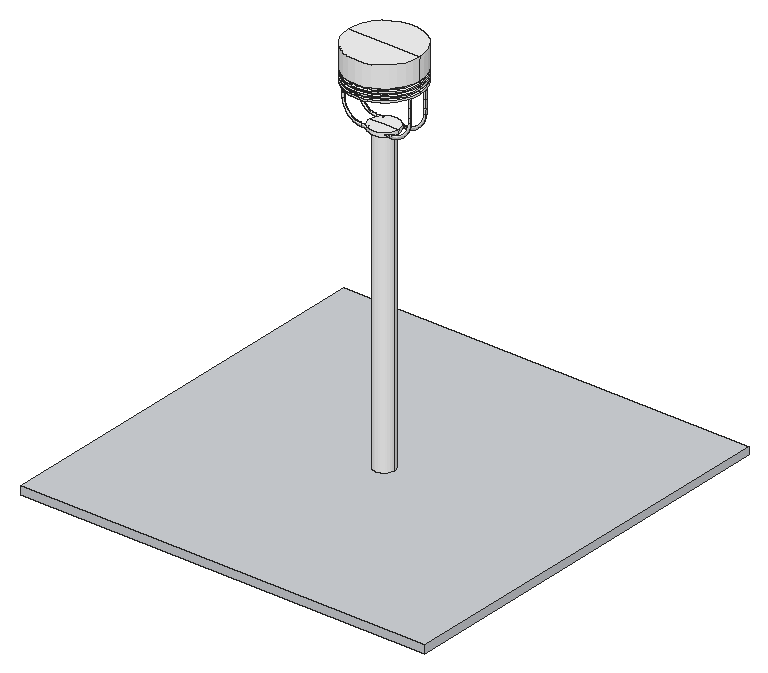
Revit family "CC_PT", category Lighting Fixtures, host Face, Revit 2021
Family settings
  Host = Face
  Round Connector Dimension = Use Diameter
  Part Type = Normal
  OmniClass Number = 23.80.70.11.14.17
  OmniClass Title = Direct/Indirect
  Cut with Voids When Loaded = No
  Light Source = No
  Shared = Yes
  Room Calculation Point = No
Parameters (values of type "CC-FM")
  White = Paint -Matte White
  Watts = 24 W
  Wattage Comments = "24"
  Warranty = "5 years Warranty"  # constant formula
  Voltage = 120 V
  URL = "https://www.currentlighting.com/kimlighting"
  Product Link = ""
  Product Documentation Link = ""
  Power Factor = 1
  Model = "Curvilinear Cutoff"  # constant formula
  Manufacturer = "KIM Lighting"  # constant formula
  Load Classification = Lighting
  Lamp = "LED"
  Housing Material = Paint - Textured Camera Black
  Height = 72"
  Gold = Gold
  Glass = Glass
  Fixture distribution = "Direct"  # constant formula
  Features = "• TIR Optics\r\n• Available in 595nm, 3000K, 4000K and 5000K standard CCT\r\n• Type 1, 2, 3, 4, 4W, 5QM, 5QN, 5R, 5W distributions\r\n• 0 - 10V dimming drivers standard\r\n• IP66 optic assembly"  # constant formula
  Description = "Sharp Cutoff and Visual Uniformity. The classic cylindrical design of the Curvilinear luminaire features a simple geometric shape for architectural relevance and is ideal for retail outlets or automotive dealerships. The luminaire family is designed for performance, providing energy efficiency, and glare control, all manufactured to Kim Lightings high standards for quality."  # constant formula
  Default Elevation = 48"
  Copyright = "© Kim Lighting"  # constant formula
  Contact = ""
  Connector Description = "Lighting Connector"  # constant formula
  Assembly Code = "D5020200"
  Apparent Load = Watts / Power Factor  # 24 VA
Reference planes (in)
  plane 1 "Center (Front/Back)": y = 0
  plane 2: z = 0.5561
  plane 3 "Center (Left/Right)": x = 0
  plane 4: z = 72.5561
Forms (in)
  Extrusion 1, solid
    sketch origin (0, 0, 0) x (1, 0, 0) y (0, 1, 0)
      loop
        line (-48, 48) -> (-48, -48) -> (48, -48) -> (48, 48) -> (-48, 48)
    from 0.5561 to -1.25
  Extrusion 2, solid, material "Paint -Matte White" <- "White"
    sketch origin (0, 0, 0) x (1, 0, 0) y (0, 1, 0)
      loop
        circle (0, 0) r 2.375
    from 0.5561 to 72.5561
Dimensions and locks (in)
  "Height": plane 4 to Extrusion 1
  aligned and locked: plane 2 to Extrusion 1
  aligned and locked: Extrusion 2 to plane 2
  aligned and locked: plane 4 to Extrusion 2
Automatic sketch dimensions
  Extrusion 1 sketch curve to Extrusion 1 sketch curve = 96"  (x2)
  plane 1 "Center (Front/Back)" to Extrusion 2 sketch curve = 0"
  Extrusion 2 sketch curve to plane 3 "Center (Left/Right)" = 0"
  radius of Extrusion 2 sketch curve = 2 3/8"
Nested families (in)
  nested 1: "CC_Arm_Base" at (0, 0, 72.5561), type "LTV767NF/6L3KUV/NB"
Connectors (in)
  electrical at (0, 0, 0.5561), driven by "Voltage", driven by "Apparent Load", driven by "Power Factor", driven by "Connector Description"
    settings: on Extrusion 2, index 1, voltage 120 V, apparent load 24 VA, apparent load phase1 0 VA, apparent load phase2 0 VA, apparent load phase3 0 VA, power factor 1, load classification "Other", number of poles 1, system type 30, power factor state 1, is connector primary yes, connector utility no, sub classification motor no, connector description "Lighting Connector"
Definition of nested family "CC_Arm_Base"
  Parameters
    White Surface = none
    Wattage Comments = "11W"
    Wattage = 28 W
    built-in parameter 1150110 = 1 (stored number, unit not read)
    Voltage = "120 to 277V"
    URL = "https://www.hubbell.com/hubbelllightingci/en/"
    Type Comments = "Lighting Fixture"  # constant formula
    built-in parameter 1114217 = 1 (stored number, unit not read)
    Tilt Angle = 45.00°
    built-in parameter 1150109 = 1 (stored number, unit not read)
    built-in parameter 1150134 = 3
    built-in parameter 1150113 = 1 (stored number, unit not read)
    Specification = "Energy efficient LED models\r\nBrass or aluminum housing for durability\r\nHex cell louver and prismatic spread lens options"  # constant formula
    Series = "In-grade/ Landscape "  # constant formula
    Product Page = "https://www.hubbell.com/hubbelllightingci/en/Products/Lighting-Controls/Commercial-Outdoor-Lighting/In-Grade/In-Grade-Minivault/p/248531"
    Power Factor = 1  # constant formula
    Photometric Web File = "CC17x2-36L-225-3K7-2.ies"
    OmniClass Title = "Buried Uplights"  # constant formula
    OmniClass Number = "23-80 70 14 11 21"  # constant formula
    Number of Poles = 1
    Note Visible = yes
    Note Text = "LF"  # constant formula
    Model = "LTV767NF/6L3KUV/NB"  # constant formula
    Manufacturer = "KIM Lighting"  # constant formula
    built-in parameter 1150105 = 270.05 (stored number, unit not read)
    Lumens = 3393.6 lm
    built-in parameter 1150115 = 1 (stored number, unit not read)
    built-in parameter 1150137 = (empty or 0)
    built-in parameter 1150139 = (empty or 0)
    Lens Ring Material = none
    built-in parameter 1150112 = 1 (stored number, unit not read)
    built-in parameter 1150114 = 1 (stored number, unit not read)
    Lamp = "LED"
    LED = none
    built-in parameter 1150132 = (empty or 0)
    built-in parameter 1150102 = (empty or 0)
    built-in parameter 1150107 = 3200 (stored number, unit not read)
    built-in parameter 1150138 = (empty or 0)
    built-in parameter 1150106 = 2.7005 (stored number, unit not read)
    Emit from Circle Diameter = 15"
    Emit Shape Visible in Rendering = no
    Diameter = 7 1/4"
    Contact us = "https://www.hubbell.com/hubbelllightingci/en/contactUs?productId=248531"
    Composite Housing material = none
    Glass Material = none
    Full Load Current = 11 A
    Frequency = 60 Hz
    Finish = "Cast Bronze, Natural Finish"  # constant formula
    built-in parameter 1150104 = 11.26 (stored number, unit not read)
    Dimming Lamp Color Temperature Shift = (empty or 0)
    Description = "Minivault incorporates more than 50 years of in-grade experience into every luminaire. A commitment to produce the most durable product possible is the core of the series, which now includes new low wattage pulse start metal halide lamps and LEDs expanding into residential applications."  # constant formula
    Default Elevation = 0"
    Color Filter = 16777215
    built-in parameter 1114218 = 1 (stored number, unit not read)
    built-in parameter 1150133 = 10 (stored number, unit not read)
    Assembly Code = "D5020200"
    Apparent Load = 11 VA
  Reference planes (in)
    plane 1 "Center (Front/Back)": y = 0
    plane 2: z = 0
    plane 3 "Center (Left/Right)": x = 0
    plane 4: x = -8.5
    plane 5: x = 8.5
    plane 6: y = 8.5
    plane 7: y = -8.5
    plane 8: z = 21.88
  Forms (in)
    Extrusion 1, solid
      sketch origin (0, 0, 0) x (1, 0, 0) y (0, 1, 0)
        loop
          line (-48, 48) -> (-48, -48) -> (48, -48) -> (48, 48) -> (-48, 48)
      from 0 to -1.39695
    Revolve 2, solid, material <- "White Surface"
      sketch origin (0, 0, 18.09357) x (1, 0, 0) y (0, 0, 1)
        loop
          line (7.87949, -8) -> (8.5, -8) -> (8.5, -7.625) -> (8.12949, -7.41108) -> (8.12949, -7.15142) -> (8.5, -6.9375) -> (8.5, -6.6875) -> (8.12949, -6.47358) -> (8.12949, -6.21392) -> (8.5, -6) -> (8.5, -5.75) -> (8.12949, -5.53608) -> (8.12949, -5.27642) -> (8.5, -5.0625) -> (8.5, 0) -> (0, 0) -> (0, -7.41108) -> (7.87949, -7.41108) -> (7.87949, -8)
        axis (0, -8) -> (0, 0)
      angle from 0 to 360
    Extrusion 3, solid, material <- "LED"
      sketch origin (0, 0, 18.09357) x (0, -1, 0) y (1, 0, 0)
        loop
          circle (-0.60445, 0) r 0.16569
        loop
          circle (0, 0.60445) r 0.16569
        loop
          circle (0.60445, 0) r 0.16569
        loop
          circle (0, -0.60445) r 0.16569
        loop
          circle (-1.35445, 0) r 0.16569
        loop
          circle (-2.10445, 0) r 0.16569
        loop
          circle (-2.85445, 0) r 0.16569
        loop
          circle (-3.60445, 0) r 0.16569
        loop
          circle (-0.95774, 0.95774) r 0.16569
        loop
          circle (0, 1.35445) r 0.16569
        loop
          circle (0.95774, 0.95774) r 0.16569
        loop
          circle (1.35445, 0) r 0.16569
        loop
          circle (0.95774, -0.95774) r 0.16569
        loop
          circle (0, -1.35445) r 0.16569
        loop
          circle (-0.95774, -0.95774) r 0.16569
        loop
          circle (-1.48807, 1.48807) r 0.16569
        loop
          circle (0, 2.10445) r 0.16569
        loop
          circle (1.48807, 1.48807) r 0.16569
        loop
          circle (2.10445, 0) r 0.16569
        loop
          circle (1.48807, -1.48807) r 0.16569
        loop
          circle (0, -2.10445) r 0.16569
        loop
          circle (-1.48807, -1.48807) r 0.16569
        loop
          circle (-2.0184, 2.0184) r 0.16569
        loop
          circle (-2.54873, 2.54873) r 0.16569
        loop
          circle (0, 2.85445) r 0.16569
        loop
          circle (0, 3.60445) r 0.16569
        loop
          circle (2.0184, 2.0184) r 0.16569
        loop
          circle (2.54873, 2.54873) r 0.16569
        loop
          circle (2.85445, 0) r 0.16569
        loop
          circle (3.60445, 0) r 0.16569
        loop
          circle (2.0184, -2.0184) r 0.16569
        loop
          circle (2.54873, -2.54873) r 0.16569
        loop
          circle (0, -2.85445) r 0.16569
        loop
          circle (0, -3.60445) r 0.16569
        loop
          circle (-2.0184, -2.0184) r 0.16569
        loop
          circle (-2.54873, -2.54873) r 0.16569
      from -7.87223 to -7.625
    Extrusion 4, solid, material <- "Glass Material"
      sketch origin (0, 0, 18.09357) x (0, -1, 0) y (1, 0, 0)
        loop
          circle (0, 0) r 7.87949
      from -8 to -7.87223
    Revolve 5, solid, material <- "White Surface"
      sketch origin (0, 0, -3.75) x (1, 0, 0) y (0, 0, 1)
        loop
          line (0, 3.75) -> (3.375, 3.75) -> (3.375, 4.5) -> (0, 4.5) -> (0, 3.75)
        axis (0, 4.5) -> (0, 3.75)
      angle from 0 to 360
    Sweep 6, solid, material <- "White Surface"
      path origin (0, 0, -3.75) x (1, 0, 0) y (0, 0, 1)
        loop
          line (7.87949, 13.84357) -> (7.87949, 11.84357) -> (7.87949, 9.84357) -> (7.87949, 8.62757)
          arc (7.87949, 8.62757) -> (6.56147, 5.44559) -> (3.37949, 4.12757) r 4.5
          line (3.37949, 4.12757) -> (1.97885, 4.12757)
      profile origin (7.87949, 0, 9.09357) x (0, -1, 0) y (1, 0, 0)
        loop
          circle (2.25, 0) r 0.25
    Sweep 7, solid, material <- "White Surface"
      path origin (0, 0, -3.75) x (1, 0, 0) y (0, 0, -1)
        loop
          line (7.87949, -13.84357) -> (7.87949, -11.84357) -> (7.87949, -9.84357) -> (7.87949, -8.62757)
          arc (7.87949, -8.62757) -> (6.56147, -5.44559) -> (3.37949, -4.12757) r 4.5
          line (3.37949, -4.12757) -> (1.97885, -4.12757)
      profile origin (7.87949, 0, 9.09357) x (0, 1, 0) y (-1, 0, 0)
        loop
          circle (2.25, 0) r 0.25
    Sweep 8, solid, material <- "White Surface"
      path origin (0, 0, -3.75) x (-1, 0, 0) y (0, 0, 1)
        loop
          line (7.87949, 13.84357) -> (7.87949, 11.84357) -> (7.87949, 9.84357) -> (7.87949, 8.62757)
          arc (7.87949, 8.62757) -> (6.56147, 5.44559) -> (3.37949, 4.12757) r 4.5
          line (3.37949, 4.12757) -> (1.97885, 4.12757)
      profile origin (-7.87949, 0, 9.09357) x (0, -1, 0) y (1, 0, 0)
        loop
          circle (2.25, 0) r 0.25
    Sweep 9, solid, material <- "White Surface"
      path origin (0, 0, -3.75) x (-1, 0, 0) y (0, 0, 1)
        loop
          line (7.87949, 13.84357) -> (7.87949, 11.84357) -> (7.87949, 9.84357) -> (7.87949, 8.62757)
          arc (7.87949, 8.62757) -> (6.56147, 5.44559) -> (3.37949, 4.12757) r 4.5
          line (3.37949, 4.12757) -> (1.97885, 4.12757)
      profile origin (-7.87949, 0, 9.09357) x (0, 1, 0) y (-1, 0, 0)
        loop
          circle (2.25, 0) r 0.25
  Dimensions and locks (in)
    plane 8 to Extrusion 1 = 21.88"
    aligned and locked: plane 2 to Extrusion 1
    aligned and locked: level to Extrusion 1
